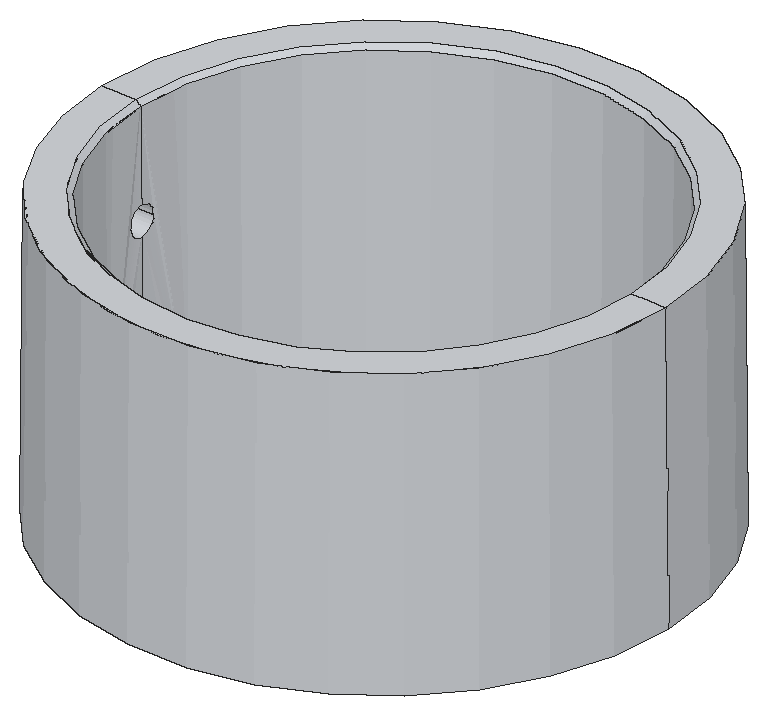
Revit family "Кольцо 1000х590 без замка КС 10.6", category Обобщенные модели, Revit 2023
Family settings
  Может служить основой для арматурных стержней = Нет
  Размер круглого соединителя = Использовать диаметр
  Тип детали = Нормальный
  На основе рабочей плоскости = Нет
  Всегда вертикально = Да
  При загрузке вырезать с полостями = Нет
  Сохранять ориентацию аннотаций = Нет
  Общий = Нет
  Точка принадлежности помещению = Нет
Parameters (values of type "Кольцо 1000х590 без замка КС 10.6")
  фаска = 10 mm
  толщ_на_h2_расч = (t1 - t2) / 2 * (h1 + h2) / ADSK_Размер_Высота + 10 mm  # 15.72 mm
  толщ_на_h1_расч = (t1 - t2) / 2 * h1 / ADSK_Размер_Высота + 10 mm  # 13.136 mm
  сужение_низ = 5 mm
  вырез2 = no
  вырез1 = yes
  Отметка по умолчанию = 0 mm
  t2 = 80 mm
  t1 = 90 mm
  h2 = 305 mm
  h1 = 370 mm
  ADSK_Размер_Диаметр = 1000 mm
  ADSK_Размер_Высота = 590 mm
  ADSK_Масса = 428
Reference planes
  plane 1 "По центру (Вперед/Назад)": y = 0
  plane 2: z = 0
  plane 3 "По центру (Влево/Вправо)": x = 0
  plane 4: x = 500
  plane 5: x = -500
  plane 6: y = 500
  plane 7: y = -500
  plane 8: z = 590
  plane 9: x = -585
  plane 10: x = 585
  plane 11: y = 585
  plane 12: y = -585
  plane 13: y = 580
  plane 14: y = -580
  plane 15: x = -580
  plane 16: x = 580
  plane 17: z = 370
  plane 18: z = 675
  plane 19: y = 495
  plane 20: y = -495
  plane 21: x = -495
  plane 22: x = 495
  plane 23: x = -569.28
  plane 24: x = -571.864
  plane 25: x = 569.28
  plane 26: x = 571.864
  plane 27: x = -510
  plane 28: z = 580
Forms (mm)
  Extrusion 1, void, detail levels medium+fine
    sketch origin (0, 0, 0) x (0, -1, 0) y (0, 0, 1)
      loop
        circle (0, 370) r 30
    from -571.864 to 571.864
  Revolve 2, solid
    sketch origin (0, 0, 0) x (1, 0, 0) y (0, 0, 1)
      loop
        line (-585, 0) -> (-495, 0) -> (-500, 580) -> (-510, 590) -> (-580, 590) -> (-585, 0)
      axis (0, 590) -> (0, 0)
    angle from 0 to 360
Cuts and joins
  Extrusion 1 cuts Revolve 2
Dimensions and locks
  equal spacing: plane 5, plane 3 "По центру (Влево/Вправо)", plane 4
  equal spacing: plane 7, plane 1 "По центру (Вперед/Назад)", plane 6
  "ADSK_Размер_Диаметр": plane 5 to plane 4
  "ADSK_Размер_Диаметр": plane 7 to plane 6
  "t1": plane 9 to plane 21
  "t1": plane 22 to plane 10
  "t2": plane 6 to plane 13
  "t2": plane 14 to plane 7
  "t2": plane 15 to plane 5
  "t2": plane 4 to plane 16
  "h1": plane 17 to level
  "h2": plane 18 to plane 17
  "ADSK_Размер_Высота": plane 8 to level
  "сужение_низ": plane 5 to plane 21
  "сужение_низ": plane 22 to plane 4
  "сужение_низ": plane 19 to plane 6
  "сужение_низ": plane 7 to plane 20
  "t1": plane 12 to plane 20
  "t1": plane 19 to plane 11
  "толщ_на_h2_расч": plane 23 to plane 9
  "толщ_на_h1_расч": plane 24 to plane 9
  "толщ_на_h2_расч": plane 10 to plane 25
  "толщ_на_h1_расч": plane 10 to plane 26
  "фаска": plane 8 to plane 28
  "фаска": plane 5 to plane 27
  aligned and locked: level to plane 2
  aligned and locked: Extrusion 1 to plane 24
  aligned and locked: plane 26 to Extrusion 1
Automatic sketch dimensions
  Extrusion 1 sketch curve to plane 1 "По центру (Вперед/Назад)" = 0 mm
  Extrusion 1 sketch curve to plane 17 = 0 mm
  Revolve 2 sketch curve to level = 0 mm
  Revolve 2 sketch curve to plane 9 = 0 mm
  Revolve 2 sketch curve to plane 8 = 0 mm
  Revolve 2 sketch curve to plane 15 = 0 mm
  Revolve 2 sketch curve to plane 27 = 0 mm
  Revolve 2 sketch curve to plane 5 = 0 mm
  Revolve 2 sketch curve to plane 21 = 0 mm
  Revolve 2 sketch curve to plane 28 = 0 mm
  radius of Extrusion 1 sketch curve = 30 mm
